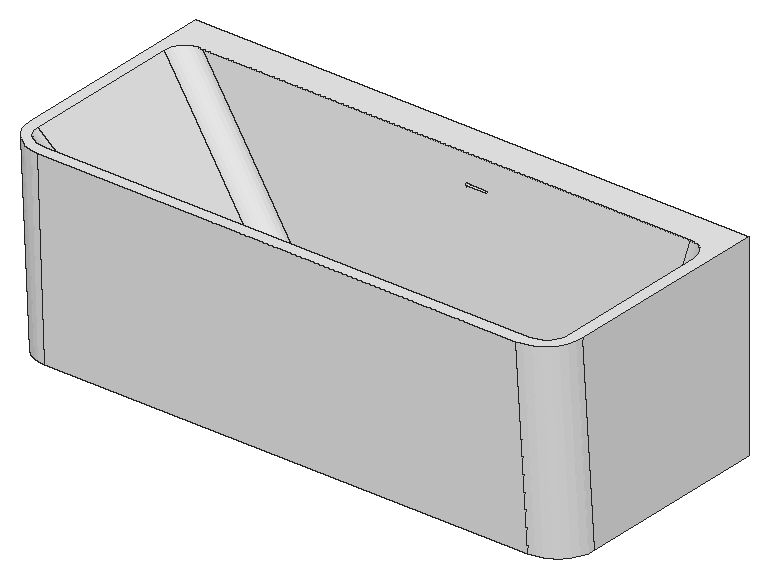
Revit family "Reece_Bath_Posh_Domaine_Freestanding Bath", category Plumbing Fixtures, host Face, Revit 2018
Family settings
  Host = Face
  Round Connector Dimension = Use Diameter
  Part Type = Normal
  Cut with Voids When Loaded = Yes
  Shared = Yes
  Room Calculation Point = Yes
Parameters (values of type "300 L_1700 mm_White")
  URL = "https://www.reece.com.au/product/-1703129"
  Type Comments = "Bath"
  Reece_Product_Mount = ""
  Reece_Overall_Capacity = if(Reece_Overall_Length = 1500 mm, 240.00 L, if(Reece_Overall_Length = 1700 mm, 300.00 L, 0.00 L))  # 300.00 L
  Reece_Detail_Disclaimer = "THIS FILE IS THE PROPERTY OF THE REECE GROUP. IT MAY NOT BE REPRODUCED, REVERSE-ENGINEERED, OR MODIFIED. ANY REPUBLICATION, TRANSMISSION, OR DISTRIBUTION FOR THE PURPOSE OF COMMERCIALLY EXPLOITING THE FILES IS PROHIBITED."  # constant formula
  Reece_Bath_Overflow_Height = 520 mm  # constant formula
  Reece_Bath_Internal_Width = if(Reece_Overall_Length = 1500 mm, 440 mm, if(Reece_Overall_Length = 1700 mm, 480 mm, 0 mm))  # 480 mm
  Reece_Bath_Internal_Length = if(Reece_Overall_Length = 1500 mm, 1040 mm, if(Reece_Overall_Length = 1700 mm, 1190 mm, 0 mm))  # 1190 mm
  Reece_Bath_Internal_Height = if(Reece_Overall_Length = 1500 mm, 450 mm, if(Reece_Overall_Length = 1700 mm, 460 mm, 0 mm))  # 460 mm
  Reece_Product_Web Page = "https://www.reece.com.au/product/-1703129"
  Reece_Product_Type = "Bath"  # constant formula
  Reece_Product_Sub Brand = "Domaine"  # constant formula
  Reece_Product_Number = "1703129"
  Reece_Product_Description = "Posh Domaine Back to Wall Freestanding Bath with Overflow 1700 x 750mm White"
  Reece_Product_Brand = "Posh"  # constant formula
  Reece_Overall_Width = if(Reece_Overall_Length = 1500 mm, 720 mm, if(Reece_Overall_Length = 1700 mm, 750 mm, 0 mm))  # 750 mm
  Reece_Overall_Length = 1700 mm
  Reece_Overall_Height = if(Reece_Overall_Length = 1500 mm, 600 mm, if(Reece_Overall_Length = 1700 mm, 605 mm, 0 mm))  # 605 mm
  Reece_Material_Secondary = Reece_Brass_Chrome
  Reece_Material_Main = Reece_Acrylic_White
  Reece_Detail_Shape = ""
  Reece_Detail_Installation = "Back To Wall"  # constant formula
  Reece_Detail_Connector = ""
  Reece_Detail_Additional = "Freestanding"  # constant formula
  Reece_Bath_Outlet = 40 mm  # constant formula
  Model = "Domaine"
  Manufacturer = "Posh"
  Keynote = "Product #1703129, Reece_Bath_Posh_Domaine_Freestanding Bath - 300 L_1700 mm_White"
  Disclaimer = "THIS FILE IS THE PROPERTY OF THE REECE GROUP. IT MAY NOT BE REPRODUCED, REVERSE-ENGINEERED, OR MODIFIED. ANY REPUBLICATION, TRANSMISSION, OR DISTRIBUTION FOR THE PURPOSE OF COMMERCIALLY EXPLOITING THE FILES IS PROHIBITED."  # constant formula
  Description = "Posh Domaine Back to Wall Freestanding Bath with Overflow 1700 x 750mm White"
  Default Elevation = 0 mm
Types (2, lengths in mm): name | URL | Reece_Overall_Capacity | Reece_Bath_Internal_Width | Reece_Bath_Internal_Length | Reece_Bath_Internal_Height | Reece_Product_Web Page | Reece_Product_Number | Reece_Product_Description | Reece_Overall_Width | Reece_Overall_Length | Reece_Overall_Height | Keynote | Description
  240 L_1500 mm_White | "https://www.reece.com.au/product/-1703128" | 240.00 L | 440 | 1040 | 450 | "https://www.reece.com.au/product/-1703128" | "1703128" | "Posh Domaine Back to Wall Freestanding Bath with Overflow 1500 x 720mm White" | 720 | 1500 | 600 | "Product #1703128, Reece_Bath_Posh_Domaine_Freestanding Bath - 240 L_1500 mm_White" | "Posh Domaine Back to Wall Freestanding Bath with Overflow 1500 x 720mm White"
  300 L_1700 mm_White | "https://www.reece.com.au/product/-1703129" | 300.00 L | 480 | 1190 | 460 | "https://www.reece.com.au/product/-1703129" | "1703129" | "Posh Domaine Back to Wall Freestanding Bath with Overflow 1700 x 750mm White" | 750 | 1700 | 605 | "Product #1703129, Reece_Bath_Posh_Domaine_Freestanding Bath - 300 L_1700 mm_White" | "Posh Domaine Back to Wall Freestanding Bath with Overflow 1700 x 750mm White"
Reference planes
  plane 1 "Center (Front/Back)": y = 349.954
  plane 2 "Bottom Host Plane": z = 0
  plane 3 "Center (Left/Right)": x = 0
  plane 4: x = -950
  plane 5: x = 750
  plane 6: y = -400.046
  plane 7: y = -25.046
  plane 8 "Top of Bath": z = 605
  plane 9 "Waste": z = 145
  plane 10: z = 520
  plane 11 "Outlet": y = 119.954
Forms (mm)
  SweptBlend 1, void
    path origin (800, -25.046, 1200) x (1, 0, 0) y (0, 0, 1)
      loop
        line (-1000, -595) -> (-1000, -1055)
    profile origin (-200, -25.046, 605) x (0, -1, 0) y (1, 0, 0)
      loop
        line (-210, -715) -> (275, -715)
        arc (275, -715) -> (320.962, -695.962) -> (340, -650) r 65
        line (340, -650) -> (340, 850)
        arc (340, 850) -> (320.962, 895.962) -> (275, 915) r 65
        line (275, 915) -> (-210, 915)
        arc (-210, 915) -> (-255.962, 895.962) -> (-275, 850) r 65
        line (-275, 850) -> (-275, -650)
        arc (-275, -650) -> (-255.962, -695.962) -> (-210, -715) r 65
    end profile origin (-200, -25.046, 145) x (0, -1, 0) y (1, 0, 0)
      loop
        arc (-245, -330) -> (-225.962, -375.962) -> (-180, -395) r 65
        line (-180, -395) -> (135, -395)
        arc (135, -395) -> (205.711, -365.711) -> (235, -295) r 100
        line (235, -295) -> (235, 695)
        arc (235, 695) -> (205.711, 765.711) -> (135, 795) r 100
        line (135, 795) -> (-180, 795)
        arc (-180, 795) -> (-225.962, 775.962) -> (-245, 730) r 65
        line (-245, 730) -> (-245, -330)
  Extrusion 2, void
    sketch origin (0, 349.954, 0) x (1, 0, 0) y (0, 0, 1)
      loop
        arc (-28.994, 525) -> (-33.994, 520) -> (-28.994, 515) r 5
        line (-28.994, 515) -> (28.994, 515)
        arc (28.994, 515) -> (33.994, 520) -> (28.994, 525) r 5
        line (28.994, 525) -> (-28.994, 525)
    from 10 to 375
  Revolve 3, void
    sketch origin (28.473, 119.954, 1200) x (-1, 0, 0) y (0, 0, 1)
      loop
        arc (59.745, -1059.132) -> (61.455, -1056.17) -> (64.669, -1055) r 5
        line (64.669, -1055) -> (64.669, -1041.711) -> (28.473, -1041.711) -> (28.473, -1075) -> (56.947, -1075) -> (59.745, -1059.132)
      loop
        line (48.473, -1100) -> (28.473, -1100) -> (28.473, -1200) -> (48.473, -1200) -> (48.473, -1100)
      axis (28.473, -1200) -> (28.473, -1041.711)
    angle from 0 to 360
  Revolve 4, solid, material "Reece_Acrylic_White" <- "Reece_Material_Main"
    sketch origin (28.473, 119.954, 1200) x (-1, 0, 0) y (0, 0, 1)
      loop
        line (63.161, -1054.667) -> (63.161, -1052.266)
        arc (63.161, -1052.266) -> (45.982, -1048.671) -> (28.473, -1047.466) r 127.744
        line (28.473, -1047.466) -> (28.473, -1058.181) -> (56.939, -1058.181) -> (60.452, -1054.667) -> (63.161, -1054.667)
      axis (28.473, -1047.466) -> (28.473, -1058.181)
    angle from 0 to 360
  SweptBlend 5, solid, material "Reece_Acrylic_White" <- "Reece_Material_Main"
    path origin (0, 0, 0) x (0, 1, 0) y (0, 0, 1)
      loop
        line (-25.046, 605) -> (-25.046, 0)
    profile origin (0, -25.046, 605) x (1, 0, 0) y (0, 1, 0)
      loop
        arc (-950, -260) -> (-916.317, -341.317) -> (-835, -375) r 115
        line (-835, -375) -> (635, -375)
        arc (635, -375) -> (716.317, -341.317) -> (750, -260) r 115
        line (750, -260) -> (750, 375) -> (-950, 375) -> (-950, -260)
    end profile origin (0, -25.046, 0) x (1, 0, 0) y (0, 1, 0)
      loop
        arc (-950, -230) -> (-920.711, -300.711) -> (-850, -330) r 100
        line (-850, -330) -> (635, -330)
        arc (635, -330) -> (716.317, -296.317) -> (750, -215) r 115
        line (750, -215) -> (750, 375) -> (-950, 375) -> (-950, -230)
Cuts and joins
  SweptBlend 1, Extrusion 2, Revolve 3 cuts SweptBlend 5
Text (mm)
  text "Reece ©" at (3216.735, -1727.206, 3072.871), in view "Reece Preview"
Dimensions and locks
  "Reece_Overall_Length": plane 4 to plane 5
  "Reece_Overall_Width": plane 6 to plane 1 "Center (Front/Back)"
  equal spacing: plane 6, plane 7, plane 1 "Center (Front/Back)"
  plane 4 to plane 3 "Center (Left/Right)" to plane 5 = 950 mm, 750 mm
  "Reece_Overall_Height": plane 8 "Top of Bath" to level
  "Reece_Bath_Internal_Height": plane 8 "Top of Bath" to plane 9 "Waste"
  locked: plane 4 to SweptBlend 1 sketch curve at 35
  locked: SweptBlend 1 sketch curve to plane 5 at 35
  locked: plane 6 to SweptBlend 1 sketch curve at 35
  locked: SweptBlend 1 sketch curve to plane 1 "Center (Front/Back)" at 100
  equal spacing: SweptBlend 1 sketch curve, plane 3 "Center (Left/Right)", SweptBlend 1 sketch curve
  "Reece_Bath_Internal_Length": SweptBlend 1 sketch curve to SweptBlend 1 sketch curve
  locked: SweptBlend 1 sketch curve to plane 1 "Center (Front/Back)" at 130
  "Reece_Bath_Internal_Width": SweptBlend 1 sketch curve to SweptBlend 1 sketch curve
  "Reece_Bath_Overflow_Height": plane 10 to level
  Extrusion 2 sketch curve to plane 10 to Extrusion 2 sketch curve = 5 mm locked, 5 mm locked
  Revolve 3 sketch curve to plane 9 "Waste" to Revolve 3 sketch curve = 13.289 mm locked, 20 mm locked
  locked: plane 11 "Outlet" to plane 1 "Center (Front/Back)" at 230
  plane 3 "Center (Left/Right)" to Revolve 4 sketch curve to Revolve 4 sketch curve to Revolve 4 sketch curve = 28.465 mm locked, 3.513 mm locked, 2.709 mm locked
  Revolve 4 sketch curve to Revolve 4 sketch curve to plane 9 "Waste" to Revolve 4 sketch curve = 7.201 mm locked, 0.333 mm locked, 3.181 mm locked
  locked: plane 6 to SweptBlend 5 sketch curve at 45
  locked: Revolve 3 sketch curve to plane 2 "Bottom Host Plane" at 100
  aligned and locked: plane 7 to Extrusion 2
  aligned and locked: plane 3 "Center (Left/Right)" to Revolve 3 sketch curve
  aligned and locked: level to Revolve 3 sketch curve
  aligned and locked: plane 2 "Bottom Host Plane" to SweptBlend 5 sketch curve
  aligned and locked: plane 8 "Top of Bath" to SweptBlend 5 sketch curve
  aligned and locked: SweptBlend 5 sketch curve to plane 7
  aligned and locked: SweptBlend 5 sketch curve to plane 6
  aligned and locked: SweptBlend 5 sketch curve to plane 1 "Center (Front/Back)"  (x2)
  aligned and locked: SweptBlend 5 sketch curve to plane 5  (x2)
  aligned and locked: SweptBlend 5 sketch curve to plane 4  (x2)
Automatic sketch dimensions
  SweptBlend 1 sketch curve to plane 9 "Waste" = 0 mm
  SweptBlend 1 sketch curve to plane 8 "Top of Bath" = 0 mm
  SweptBlend 1 sketch curve to plane 4 = 750 mm
  SweptBlend 1 sketch curve to SweptBlend 1 sketch curve = 65 mm  (x6)
  SweptBlend 1 sketch curve to SweptBlend 1 sketch curve = 100 mm  (x2)
  Extrusion 2 sketch curve to plane 3 "Center (Left/Right)" = 28.994 mm
  plane 3 "Center (Left/Right)" to Extrusion 2 sketch curve = 28.994 mm
  Extrusion 2 sketch curve to Extrusion 2 sketch curve = 0 mm
  Revolve 3 sketch curve to plane 3 "Center (Left/Right)" = 0 mm  (x2)
  Revolve 3 sketch curve to plane 9 "Waste" = 0 mm
  Revolve 3 sketch curve to plane 3 "Center (Left/Right)" = 20 mm
  Revolve 3 sketch curve to Revolve 3 sketch curve = 8.473 mm
  plane 9 "Waste" to Revolve 3 sketch curve = 4.132 mm
  Revolve 3 sketch curve to Revolve 3 sketch curve = 2.798 mm
  Revolve 3 sketch curve to Revolve 3 sketch curve = 4.924 mm
  Revolve 3 sketch curve to Revolve 3 sketch curve = 71.389 mm
  Revolve 3 sketch curve to Revolve 3 sketch curve = 75 mm
  Revolve 4 sketch curve to plane 3 "Center (Left/Right)" = 0 mm  (x2)
  Revolve 4 sketch curve to Revolve 4 sketch curve = 37.979 mm
  Revolve 4 sketch curve to Revolve 4 sketch curve = 16.306 mm
  level to Revolve 4 sketch curve = 24.79 mm
  profile plane to SweptBlend 5 sketch curve = 260 mm  (x2)
  SweptBlend 5 sketch curve to SweptBlend 5 sketch curve = 100 mm
  profile plane to SweptBlend 5 sketch curve = 215 mm
Connectors
  piping at (0, 119.954, 100), diameter 40, driven by "Reece_Bath_Outlet"
    settings: on cut or joined group of SweptBlend 1, Extrusion 2, Revolve 3, SweptBlend 5, index 1, connector inside diameter 609.6 mm, connector length 0 mm, flow factor 0, pipe flow 0.0 L/s, pressure drop 0.0 Pa, fitting loss kfactor 0, connector angle 0.00°, fixture units 0, engagement length 0 mm, angle of deflection 0.00°, flow configuration 0, flow direction 2, fitting loss method 0, system type 16, joint type 0, gender type 0, connector reference index -1, connector utility 0, adjustable connector no, is connector primary yes, connector description ""
